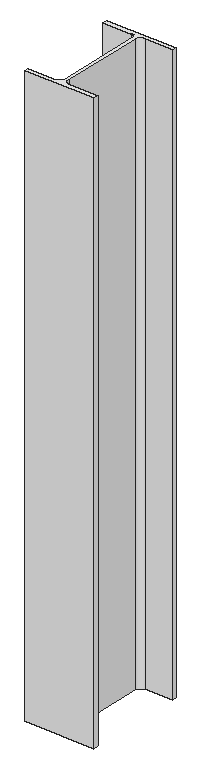
Revit family
Parameters (values of type "H440X124")
  기둥 재료 [instance] = 금속 - 스틸 - 345 MPa
  Assembly Code = ""
  A = 0.016 m²
  W = 1.216
  bf = 300 mm
  d = 440 mm
  k = 42 mm
  kr = k - tf  # 24 mm
  tf = 18 mm
  tw = 11 mm
Reference planes
  plane 1: y = 0
  plane 2: z = 0
  plane 3: x = 0
  plane 4: x = -150
  plane 5: x = 150
  plane 6: y = 220
  plane 7: y = -220
  plane 8: x = -3.969
  plane 9: x = 3.969
Forms (mm)
  Extrusion 1, solid, material "금속 - 스틸 - 345 MPa" <- "기둥 재료", detail levels medium
    sketch origin (0, 0, 0) x (1, 0, 0) y (0, 1, 0)
      loop
        line (-150, 220) -> (-150, 202) -> (-5.5, 202) -> (-5.5, -202) -> (-150, -202) -> (-150, -220) -> (150, -220) -> (150, -202) -> (5.5, -202) -> (5.5, 202) -> (150, 202) -> (150, 220) -> (-150, 220)
    from 0 to 2500
  Extrusion 2, solid, material "금속 - 스틸 - 345 MPa" <- "기둥 재료", detail levels fine
    sketch origin (0, 0, 0) x (1, 0, 0) y (0, 1, 0)
      loop
        line (-150, 220) -> (-150, 202) -> (-29.5, 202)
        arc (-29.5, 202) -> (-12.529, 194.971) -> (-5.5, 178) r 24
        line (-5.5, 178) -> (-5.5, -178)
        arc (-5.5, -178) -> (-12.529, -194.971) -> (-29.5, -202) r 24
        line (-29.5, -202) -> (-150, -202) -> (-150, -220) -> (150, -220) -> (150, -202) -> (29.5, -202)
        arc (29.5, -202) -> (12.529, -194.971) -> (5.5, -178) r 24
        line (5.5, -178) -> (5.5, 178)
        arc (5.5, 178) -> (12.529, 194.971) -> (29.5, 202) r 24
        line (29.5, 202) -> (150, 202) -> (150, 220) -> (-150, 220)
    from 0 to 2500
Lines and regions (mm)
  symbolic lines, style "StructuralColumnStickSymbols", detail levels coarse
    curve 1: line (-150, 220, 0) -> (150, 220, 0)
    curve 2: line (-150, -220, 0) -> (150, -220, 0)
    curve 3: line (0, 220, 0) -> (0, -220, 0)
  symbolic lines, style "숨겨진 면", detail levels medium+fine
    curve 4: line (-3.969, 0, 0) -> (-3.969, 0, 2500)
    curve 5: line (3.969, 0, 2500) -> (3.969, 0, 0)
Dimensions and locks
  equal spacing: plane 4, plane 3, plane 5
  equal spacing: plane 7, plane 1, plane 6
  "d": plane 7 to plane 6
  "bf": plane 4 to plane 5
  "tf": plane 7 to Extrusion 1 sketch curve
  "tf": Extrusion 1 sketch curve to plane 6
  equal spacing: Extrusion 1 sketch curve, plane 3, Extrusion 1 sketch curve
  "tw": Extrusion 1 sketch curve to Extrusion 1 sketch curve
  "kr": radius of Extrusion 2 sketch curve  (x4)
  aligned and locked: plane 6 to Extrusion 1 sketch curve
  aligned and locked: Extrusion 1 sketch curve to plane 7
  aligned and locked: Extrusion 1 sketch curve to plane 4  (x2)
  aligned and locked: plane 5 to Extrusion 1 sketch curve  (x2)
  aligned and locked: Extrusion 1 sketch curve to Extrusion 1 sketch curve  (x2)
  aligned and locked: level to Extrusion 1
  aligned and locked: level to plane 2
  aligned and locked: Extrusion 1 to plane 2
  aligned and locked: plane 6 to Extrusion 2 sketch curve
  aligned and locked: plane 5 to Extrusion 2 sketch curve  (x2)
  aligned and locked: Extrusion 2 sketch curve to plane 4  (x2)
  aligned and locked: Extrusion 2 sketch curve to Extrusion 1  (x6)
  aligned and locked: Extrusion 2 sketch curve to plane 7
  aligned and locked: level to Extrusion 2
  aligned and locked: Extrusion 2 to level
Automatic sketch dimensions
  curve 2 to plane 4 = 0 mm
  curve 1 to plane 4 = 0 mm
  curve 3 to plane 3 = 0 mm
  curve 2 to plane 5 = 0 mm
  curve 1 to plane 5 = 0 mm
  curve 3 to plane 7 = 0 mm
  curve 3 to plane 6 = 0 mm
  curve 4 to level = 0 mm  (x2)
  curve 4 to plane 8 = 0 mm
  curve 5 to level = 0 mm  (x2)
  curve 5 to plane 9 = 0 mm
